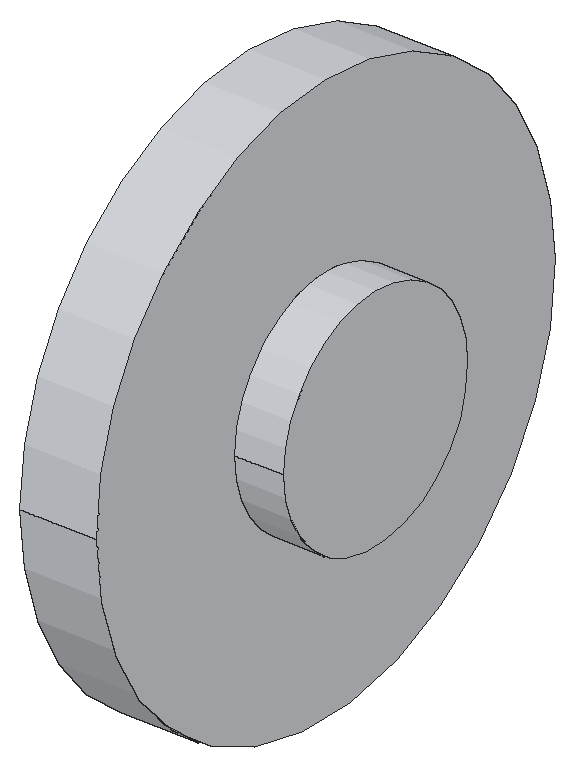
Revit family "00f4f3c3dfe0454a94a5a35b0184cb1c", category Pipe Fittings, Revit 2021
Family settings
  Round Connector Dimension = Use Radius
  Part Type = Flange
  OmniClass Number = 23.60.30.11.14
  OmniClass Title = Pipework Fittings
  Seek Item ID = Flange - Slip-on - Steel - Class 300-0000-USA-ENU
  Work Plane-Based = No
  Always vertical = Yes
  Cut with Voids When Loaded = No
  Shared = No
Parameters (values of type "Standard")
  Tick Size [instance] = Flange Outside Diameter * 0.4  # 1.49606"
  Raised Face Thickness [instance] = 1/16"  # constant formula
  Raised Face Radius [instance] = Raised Face Diameter / 2  # 0.68701"
  Raised Face Diameter [instance] = size_lookup(Lookup Table Name, "RFD", 1.11 * Nominal Diameter + 1 47/128", Nominal Diameter)  # 1.37402"
  Nominal Radius [instance] = 1/4"
  Nominal Diameter [instance] = Nominal Radius * 2  # 1/2"
  Loss Method = Not Defined
  Lookup Table Name = "Flange - Slip-on - Steel - Class 300"
  Length Through Hub [instance] = size_lookup(Lookup Table Name, "LTH", 0.14 * Nominal Diameter + 1 5/128", Nominal Diameter)  # 0.82677"
  Hub Radius [instance] = Hub Diameter / 2  # 0.74803"
  Hub Diameter [instance] = size_lookup(Lookup Table Name, "HDia", 1.13 * Nominal Diameter + 1 5/32", Nominal Diameter)  # 1.49606"
  Flange Thickness [instance] = size_lookup(Lookup Table Name, "FThk", 0.09 * Nominal Diameter + 175/256", Nominal Diameter)  # 1/2"
  Flange Outside Radius [instance] = Flange Outside Diameter / 2  # 1.87008"
  Flange Outside Diameter [instance] = size_lookup(Lookup Table Name, "FOD", 1.37 * Nominal Diameter + 3 29/32", Nominal Diameter)  # 3.74016"
  Default Elevation = 0' - 0"
Reference planes (in)
  plane 1 "Center (Front/Back)": y = 0
  plane 2: z = 0
  plane 3 "Center (Left/Right)": x = 0
  plane 4: x = 0.0625
  plane 5: x = 0.5625
  plane 6: x = 0.88927
  plane 7: y = 1.49606
  plane 8: y = -1.49606
Forms (in)
  Sweep 1, solid, detail levels fine
    path in 3D
      loop
        line (0, 0, 0) -> (0.0625, 0, 0)
    profile origin (0.03125, 0, 0) x (0, 1, 0) y (0, 0, 1)
      loop
        circle (0, 0) r 0.68701
  Sweep 2, solid, detail levels fine
    path in 3D
      loop
        line (0.0625, 0, 0) -> (0.5625, 0, 0)
    profile origin (0.3125, 0, 0) x (0, 1, 0) y (0, 0, 1)
      loop
        circle (0, 0) r 1.87008
  Sweep 3, solid, detail levels fine
    path in 3D
      loop
        line (0.5625, 0, 0) -> (0.88927, 0, 0)
    profile origin (0.72589, 0, 0) x (0, 1, 0) y (0, 0, 1)
      loop
        circle (0, 0) r 0.74803
Cuts and joins
  joined: Sweep 1, Sweep 2, Sweep 3
Lines and regions (in)
  model lines, detail levels coarse+medium
    curve 1: line (0, 0, 0) -> (0.0625, 0, 0)
    curve 2: line (0.0625, 0, 0) -> (0.5625, 0, 0)
    curve 3: line (0.5625, 0, 0) -> (0.88927, 0, 0)
    curve 7: line (0.5625, 1.49606, 0) -> (0.5625, -1.49606, 0)
  sketch lines
    curve 4: line (0, 0, 0) -> (0.0625, 0, 0)
    curve 5: line (0.0625, 0, 0) -> (0.5625, 0, 0)
    curve 6: line (0.5625, 0, 0) -> (0.88927, 0, 0)
Dimensions and locks (in)
  "Raised Face Thickness": plane 3 "Center (Left/Right)" to plane 4
  "Flange Thickness": plane 4 to plane 5
  "Length Through Hub": plane 4 to plane 6
  equal spacing: plane 7, plane 1 "Center (Front/Back)", plane 8
  "Tick Size": plane 7 to plane 1 "Center (Front/Back)"
  "Raised Face Radius": radius of Sweep 1 sketch curve
  "Flange Outside Radius": radius of Sweep 2 sketch curve
  "Hub Radius": radius of Sweep 3 sketch curve
  aligned and locked: plane 3 "Center (Left/Right)" to curve 1
  aligned and locked: plane 4 to curve 1
  aligned and locked: plane 1 "Center (Front/Back)" to curve 1
  aligned and locked: plane 1 "Center (Front/Back)" to curve 2
  aligned and locked: plane 5 to curve 3
  aligned and locked: plane 6 to curve 3
  aligned and locked: plane 1 "Center (Front/Back)" to curve 3
  aligned and locked: plane 7 to curve 7
  aligned and locked: plane 8 to curve 7
  aligned and locked: curve 7 to plane 5
Automatic sketch dimensions
  Sweep 1 sketch curve to profile plane = 0' - 0"  (x2)
  Sweep 2 sketch curve to profile plane = 0' - 0"  (x2)
  Sweep 3 sketch curve to profile plane = 0' - 0"  (x2)
Connectors (in)
  piping at (0, 0, 0), diameter 0.5, driven by "Nominal Radius"
    settings: on cut or joined group of Sweep 1, Sweep 2, Sweep 3, index 1, connector inside diameter 1/2", connector length 0' - 0", flow factor 0, pipe flow 0 GPM, pressure drop 0.00 psi, fitting loss kfactor 0, connector angle 0.00°, fixture units 0, engagement length 0' - 0", angle of deflection 0.00°, flow configuration 0, flow direction 0, fitting loss method 0, system type 28, joint type 0, gender type 0, connector reference index 2, connector utility 0, adjustable connector no, is connector primary yes, connector description ""
  piping at (0.88927, 0, 0), diameter 0.5, driven by "Nominal Radius"
    settings: on cut or joined group of Sweep 1, Sweep 2, Sweep 3, index 2, connector inside diameter 1/2", connector length 0' - 0", flow factor 0, pipe flow 0 GPM, pressure drop 0.00 psi, fitting loss kfactor 0, connector angle 0.00°, fixture units 0, engagement length 0' - 0", angle of deflection 0.00°, flow configuration 0, flow direction 0, fitting loss method 0, system type 28, joint type 0, gender type 0, connector reference index 1, connector utility 0, adjustable connector no, is connector primary no, connector description ""
